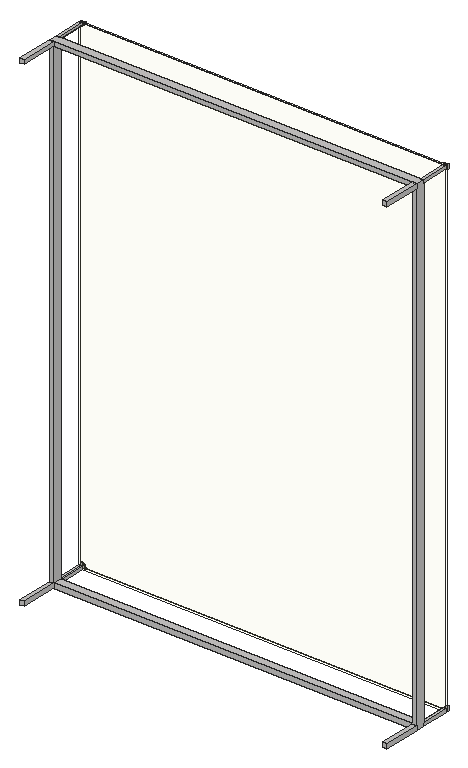
Revit family
Parameters (values of type "TIPO3")
  grosorcw = 2 cm
  depth = 60 cm
  MATERIALCW = GLASSTIPO 3
  FRAMECW = PERFILEXTERIOR
  ANCHO = 300 cm
  ALTO = 400 cm
Types (4, lengths in cm): name | depth | MATERIALCW
  (no name) | 60 | GLASSTIPO 3
  TIPO1 | 90 | GLASSTIPO1
  TIPO2 | 80 | GLASSTIPO 2
  TIPO3 | 60 | GLASSTIPO 3
Reference planes (cm)
  plane 1 "Center (Front/Back)": y = 0
  plane 2: z = 0
  plane 3 "Center (Left/Right)": x = 0
  plane 4 "Left": x = -150
  plane 5 "Right": x = 150
  plane 6 "Top": z = 400
  plane 7: z = 200
Forms (cm)
  Extrusion 1, solid, material "GLASSTIPO 3" <- "MATERIALCW"
    sketch origin (0, 15.3, 0) x (1, 0, 0) y (0, 0, 1)
      loop
        line (150, 400) -> (-150, 400) -> (-150, 0) -> (150, 0) -> (150, 400)
    from -46.7 to -44.7
  Extrusion 2, solid, material "PERFILEXTERIOR" <- "FRAMECW"
    sketch origin (0, 5, 0) x (1, 0, 0) y (0, 0, 1)
      loop
        line (150, 400) -> (146.5, 400) -> (146.5, 396.5) -> (150, 396.5) -> (150, 400)
      loop
        line (-146.5, 400) -> (-150, 400) -> (-150, 396.5) -> (-146.5, 396.5) -> (-146.5, 400)
      loop
        line (-146.5, 3.5) -> (-150, 3.5) -> (-150, 0) -> (-146.5, 0) -> (-146.5, 3.5)
      loop
        line (150, 3.5) -> (146.5, 3.5) -> (146.5, 0) -> (150, 0) -> (150, 3.5)
    from -25 to 5
  Extrusion 3, solid, material "PERFILEXTERIOR" <- "FRAMECW"
    sketch origin (0, -9.0048, 0) x (1, 0, 0) y (0, 0, 1)
      loop
        line (150, 400) -> (-150, 400) -> (-150, 0) -> (150, 0) -> (150, 400)
      loop
        line (-146.5, 3.5) -> (146.5, 3.5) -> (146.5, 396.5) -> (-146.5, 396.5) -> (-146.5, 3.5)
    from -46.0048 to -39.0048
  Extrusion 4, solid, material "PERFILEXTERIOR" <- "FRAMECW"
    sketch origin (0, -3.0912, 0) x (1, 0, 0) y (0, 0, 1)
      loop
        line (150, 400) -> (147.5, 400) -> (147.5, 398)
        arc (147.5, 398) -> (147.6464, 397.6464) -> (148, 397.5) r 0.5
        line (148, 397.5) -> (150, 397.5) -> (150, 400)
      loop
        line (-150, 400) -> (-150, 397.5) -> (-148, 397.5)
        arc (-148, 397.5) -> (-147.6464, 397.6464) -> (-147.5, 398) r 0.5
        line (-147.5, 398) -> (-147.5, 400) -> (-150, 400)
      loop
        line (150, 0) -> (150, 2.5) -> (148, 2.5)
        arc (148, 2.5) -> (147.6464, 2.3536) -> (147.5, 2) r 0.5
        line (147.5, 2) -> (147.5, 0) -> (150, 0)
      loop
        line (-150, 0) -> (-147.5, 0) -> (-147.5, 2)
        arc (-147.5, 2) -> (-147.6464, 2.3536) -> (-148, 2.5) r 0.5
        line (-148, 2.5) -> (-150, 2.5) -> (-150, 0)
    from -63.0912 to -40.0912
  Extrusion 5, solid, material "PERFILEXTERIOR" <- "FRAMECW"
    sketch origin (0, 0, 0) x (1, 0, 0) y (0, 0, 1)
      loop
        arc (150, 3.5) -> (147.5251, 2.4749) -> (146.5, 0) r 3.5
        line (146.5, 0) -> (150, 0) -> (150, 3.5)
      loop
        line (-150, 3.5) -> (-150, 0) -> (-146.5, 0)
        arc (-146.5, 0) -> (-147.5251, 2.4749) -> (-150, 3.5) r 3.5
      loop
        line (150, 396.5) -> (150, 400) -> (146.5, 400)
        arc (146.5, 400) -> (147.5251, 397.5251) -> (150, 396.5) r 3.5
      loop
        arc (-150, 396.5) -> (-147.5251, 397.5251) -> (-146.5, 400) r 3.5
        line (-146.5, 400) -> (-150, 400) -> (-150, 396.5)
    from -62.5617 to -62
Text (cm)
  text "Exterior" at (-235.1972, 141.6179, 0), in view "Ref. Level"
  text "Exterior" at (0, 229.0741, 440.6713), in view "Left"
  text "Exterior" at (0, 132.8187, 412.0349), in view "Right"
Dimensions and locks (cm)
  "depth": plane 1 "Center (Front/Back)" to Extrusion 1
  "grosorcw": Extrusion 1 to Extrusion 1
  locked: Extrusion 2 to plane 1 "Center (Front/Back)"
  plane 1 "Center (Front/Back)" to Extrusion 3 to Extrusion 3 = 30 cm locked, 7 cm locked
  locked: Extrusion 2 to Extrusion 2 at 30
  locked: Extrusion 3 to Extrusion 4
  Extrusion 1 to Extrusion 1 = 2 cm  (x3)
  locked: Extrusion 5 to Extrusion 1
  locked: Extrusion 5 to Extrusion 1 at 0.5617
  aligned and locked: Extrusion 4 to Extrusion 1
  aligned and locked: Extrusion 5 to Extrusion 1
Automatic sketch dimensions
  plane 4 "Left" to Extrusion 1 sketch curve = 0 cm
  Extrusion 1 sketch curve to level = 0 cm
  plane 5 "Right" to Extrusion 1 sketch curve = 0 cm
  Extrusion 1 sketch curve to plane 6 "Top" = 0 cm
  plane 4 "Left" to Extrusion 3 sketch curve = 0 cm
  plane 5 "Right" to Extrusion 3 sketch curve = 0 cm
  Extrusion 3 sketch curve to level = 0 cm
  Extrusion 3 sketch curve to plane 6 "Top" = 0 cm
  Extrusion 3 sketch curve to plane 4 "Left" = 3.5 cm
  plane 5 "Right" to Extrusion 3 sketch curve = 3.5 cm
  level to Extrusion 3 sketch curve = 3.5 cm
  plane 6 "Top" to Extrusion 3 sketch curve = 3.5 cm
  plane 4 "Left" to Extrusion 4 sketch curve = 0 cm  (x2)
  Extrusion 4 sketch curve to plane 6 "Top" = 0 cm  (x2)
  Extrusion 4 sketch curve to level = 0 cm  (x2)
  plane 5 "Right" to Extrusion 4 sketch curve = 0 cm  (x2)
  Extrusion 4 sketch curve to plane 4 "Left" = 2 cm  (x2)
  Extrusion 4 sketch curve to Extrusion 4 sketch curve = 0.5 cm  (x4)
  Extrusion 4 sketch curve to Extrusion 4 sketch curve = 2.5 cm  (x2)
  Extrusion 4 sketch curve to Extrusion 4 sketch curve = 2 cm
  level to Extrusion 4 sketch curve = 2 cm
  plane 6 "Top" to Extrusion 4 sketch curve = 2.5 cm  (x2)
  plane 4 "Left" to Extrusion 2 sketch curve = 0 cm  (x2)
  Extrusion 2 sketch curve to plane 6 "Top" = 0 cm  (x2)
  Extrusion 2 sketch curve to level = 0 cm  (x2)
  plane 5 "Right" to Extrusion 2 sketch curve = 0 cm  (x2)
  Extrusion 2 sketch curve to plane 4 "Left" = 3.5 cm  (x2)
  Extrusion 2 sketch curve to Extrusion 2 sketch curve = 3.5 cm  (x2)
  level to Extrusion 2 sketch curve = 3.5 cm  (x2)
  plane 6 "Top" to Extrusion 2 sketch curve = 3.5 cm  (x2)
  plane 4 "Left" to Extrusion 5 sketch curve = 0 cm  (x2)
  Extrusion 5 sketch curve to level = 0 cm  (x2)
  Extrusion 5 sketch curve to plane 6 "Top" = 0 cm  (x2)
  plane 5 "Right" to Extrusion 5 sketch curve = 0 cm  (x2)
  Extrusion 5 sketch curve to Extrusion 5 sketch curve = 3.5 cm  (x4)
